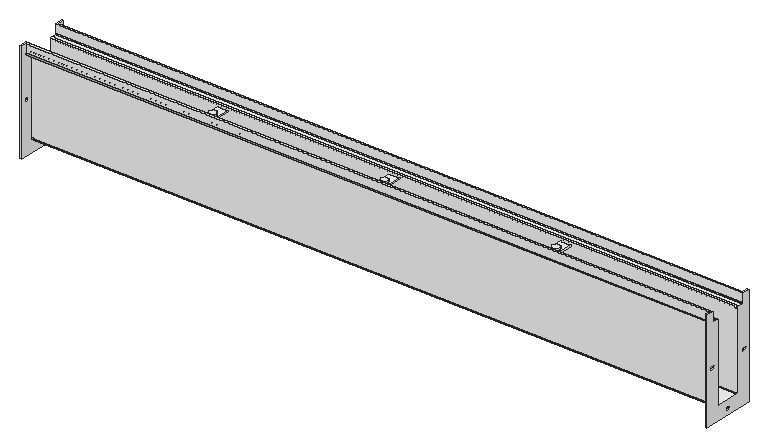
Revit family "T5000-300", category Plumbing Fixtures, host Face, Revit 2018
Family settings
  Host = Face
  Round Connector Dimension = Use Radius
  Part Type = Normal
  Cut with Voids When Loaded = No
  Shared = No
  Room Calculation Point = No
Parameters (values of type "T5000-300")
  WFU = 0
  URL = "WWW.MIFAB.COM"
  Model = "T5000-300"
  Manufacturer = "MIFAB"
  Length = 3' - 4"
  Floor Drain Material = Paint - Sherwin Williams Paint - #952C2A - Bellwood Red
  Description = "3\" Wide, 5 7/8\" Deep Aluminum Channe"
  Default Elevation = 0' - 0"
  CWFU = 0
  Assembly Code = ""
Reference planes (in)
  plane 1 "Center (Front/Back)": y = 0
  plane 2: z = 0
  plane 3 "Center (Left/Right)": x = 0
  plane 4: x = -20
  plane 5: x = 20
  plane 6: y = -0.375
  plane 7: y = 0.375
  plane 8: x = -19.92772
  plane 9: x = 19.92772
  plane 10: y = 0.8125
  plane 11: y = -0.8125
  plane 12: y = 1.5
  plane 13: y = -1.5
  plane 14: z = -5.875
  plane 15: x = -10
  plane 16: x = 10
Forms (in)
  Sweep 1, solid, material "Paint - Sherwin Williams Paint - #952C2A - Bellwood Red" <- "Floor Drain Material"
    path origin (0, 0, 0) x (1, 0, 0) y (0, 1, 0)
      loop
        line (20, 0) -> (-20, 0)
    profile origin (0, 0, 0) x (0, -1, 0) y (0, 0, 1)
      loop
        line (1.11328, 0) -> (1.11328, -0.50365)
        arc (1.11328, -0.50365) -> (1.10077, -0.53386) -> (1.07056, -0.54638) r 0.04273
        line (1.07056, -0.54638) -> (0.80742, -0.54638)
        arc (0.80742, -0.54638) -> (0.75853, -0.56663) -> (0.73828, -0.61552) r 0.06914
        line (0.73828, -0.61552) -> (0.73828, -5.0739)
        arc (0.73828, -5.0739) -> (0.72675, -5.10175) -> (0.6989, -5.11328) r 0.03939
        line (0.6989, -5.11328) -> (-0.6989, -5.11328)
        arc (-0.6989, -5.11328) -> (-0.72675, -5.10175) -> (-0.73828, -5.0739) r 0.03939
        line (-0.73828, -5.0739) -> (-0.73828, -0.61552)
        arc (-0.73828, -0.61552) -> (-0.75853, -0.56663) -> (-0.80742, -0.54638) r 0.06914
        line (-0.80742, -0.54638) -> (-1.07056, -0.54638)
        arc (-1.07056, -0.54638) -> (-1.10077, -0.53386) -> (-1.11328, -0.50365) r 0.04273
        line (-1.11328, -0.50365) -> (-1.11328, 0) -> (-1.1875, 0) -> (-1.1875, -0.51573)
        arc (-1.1875, -0.51573) -> (-1.15678, -0.58988) -> (-1.08263, -0.6206) r 0.10487
        line (-1.08263, -0.6206) -> (-0.84094, -0.6206)
        arc (-0.84094, -0.6206) -> (-0.82083, -0.62893) -> (-0.8125, -0.64903) r 0.02844
        line (-0.8125, -0.64903) -> (-0.8125, -5.0795)
        arc (-0.8125, -5.0795) -> (-0.78087, -5.15587) -> (-0.7045, -5.1875) r 0.108
        line (-0.7045, -5.1875) -> (0.7045, -5.1875)
        arc (0.7045, -5.1875) -> (0.78087, -5.15587) -> (0.8125, -5.0795) r 0.108
        line (0.8125, -5.0795) -> (0.8125, -0.64903)
        arc (0.8125, -0.64903) -> (0.82083, -0.62893) -> (0.84094, -0.6206) r 0.02844
        line (0.84094, -0.6206) -> (1.08263, -0.6206)
        arc (1.08263, -0.6206) -> (1.15678, -0.58988) -> (1.1875, -0.51573) r 0.10487
        line (1.1875, -0.51573) -> (1.1875, 0) -> (1.11328, 0)
  Extrusion 2, solid, material "Paint - Sherwin Williams Paint - #952C2A - Bellwood Red" <- "Floor Drain Material"
    sketch origin (19.55273, 0, 0) x (0, 1, 0) y (0, 0, -1)
      loop
        line (1.5, 0) -> (1.5, 5.875) -> (-1.5, 5.875) -> (-1.5, 0) -> (-1.11328, 0) -> (-1.11328, 0.50365)
        arc (-1.11328, 0.50365) -> (-1.10077, 0.53386) -> (-1.07056, 0.54638) r 0.04273
        line (-1.07056, 0.54638) -> (-0.80742, 0.54638)
        arc (-0.80742, 0.54638) -> (-0.75853, 0.56663) -> (-0.73828, 0.61552) r 0.06914
        line (-0.73828, 0.61552) -> (-0.73828, 5.0739)
        arc (-0.73828, 5.0739) -> (-0.72675, 5.10175) -> (-0.6989, 5.11328) r 0.03939
        line (-0.6989, 5.11328) -> (0.6989, 5.11328)
        arc (0.6989, 5.11328) -> (0.72675, 5.10175) -> (0.73828, 5.0739) r 0.03939
        line (0.73828, 5.0739) -> (0.73828, 0.61552)
        arc (0.73828, 0.61552) -> (0.75853, 0.56663) -> (0.80742, 0.54638) r 0.06914
        line (0.80742, 0.54638) -> (1.07056, 0.54638)
        arc (1.07056, 0.54638) -> (1.10077, 0.53386) -> (1.11328, 0.50365) r 0.04273
        line (1.11328, 0.50365) -> (1.11328, 0) -> (1.5, 0)
      loop
        circle (-1.15625, 2.94394) r 0.13787
      loop
        circle (1.15625, 2.94394) r 0.13787
      loop
        circle (0, 5.52934) r 0.13787
    from -0.44727 to -0.37499
  Extrusion 3, solid, material "Paint - Sherwin Williams Paint - #952C2A - Bellwood Red" <- "Floor Drain Material"
    sketch origin (-19.55273, 0, 0) x (0, 1, 0) y (0, 0, 1)
      loop
        line (1.5, -5.875) -> (1.5, 0) -> (1.11328, 0) -> (1.11328, -0.50365)
        arc (1.11328, -0.50365) -> (1.10077, -0.53386) -> (1.07056, -0.54638) r 0.04273
        line (1.07056, -0.54638) -> (0.80742, -0.54638)
        arc (0.80742, -0.54638) -> (0.75853, -0.56663) -> (0.73828, -0.61552) r 0.06914
        line (0.73828, -0.61552) -> (0.73828, -5.0739)
        arc (0.73828, -5.0739) -> (0.72675, -5.10175) -> (0.6989, -5.11328) r 0.03939
        line (0.6989, -5.11328) -> (-0.6989, -5.11328)
        arc (-0.6989, -5.11328) -> (-0.72675, -5.10175) -> (-0.73828, -5.0739) r 0.03939
        line (-0.73828, -5.0739) -> (-0.73828, -0.61552)
        arc (-0.73828, -0.61552) -> (-0.75853, -0.56663) -> (-0.80742, -0.54638) r 0.06914
        line (-0.80742, -0.54638) -> (-1.07056, -0.54638)
        arc (-1.07056, -0.54638) -> (-1.10077, -0.53386) -> (-1.11328, -0.50365) r 0.04273
        line (-1.11328, -0.50365) -> (-1.11328, 0) -> (-1.5, 0) -> (-1.5, -5.875) -> (1.5, -5.875)
      loop
        circle (-1.15625, -2.94394) r 0.13787
      loop
        circle (1.15625, -2.94394) r 0.13787
      loop
        circle (0, -5.52934) r 0.13787
    from -0.44727 to -0.37499
  Extrusion 4, void
    sketch origin (0, 0, 0) x (1, 0, 0) y (0, 1, 0)
      loop
        line (-19.92772, 1.5) -> (-20, 1.5) -> (-20, -1.5) -> (-19.92772, -1.5) -> (-19.92772, -1.1875) -> (19.92772, -1.1875) -> (19.92772, -1.5) -> (20, -1.5) -> (20, 1.5) -> (19.92772, 1.5) -> (19.92772, 1.1875) -> (-19.92772, 1.1875) -> (-19.92772, 1.5)
    from 0 to -3.875
  Extrusion 5, solid, material "Paint - Sherwin Williams Paint - #952C2A - Bellwood Red" <- "Floor Drain Material"
    sketch origin (0, 0, 0) x (1, 0, 0) y (0, 1, 0)
      loop
        line (-10.2927, 0.73828) -> (-10.2927, -0.73828) -> (-9.7073, -0.73828) -> (-9.7073, 0.73828) -> (-10.2927, 0.73828)
    from -0.82992 to -0.76386
  Extrusion 6, solid, material "Paint - Sherwin Williams Paint - #952C2A - Bellwood Red" <- "Floor Drain Material"
    sketch origin (0, 0, 0) x (1, 0, 0) y (0, 1, 0)
      loop
        line (-10.11333, 0.1963) -> (-10.22667, 0) -> (-10.11333, -0.1963) -> (-9.88667, -0.1963) -> (-9.77333, 0) -> (-9.88667, 0.1963) -> (-10.11333, 0.1963)
    from -0.76386 to -0.6206
  Extrusion 7, solid, material "Paint - Sherwin Williams Paint - #952C2A - Bellwood Red" <- "Floor Drain Material"
    sketch origin (0, 0, 0) x (1, 0, 0) y (0, 1, 0)
      loop
        circle (-10, 0) r 0.10283
    from -1.15488 to -0.76386
  Extrusion 8, solid, material "Paint - Sherwin Williams Paint - #952C2A - Bellwood Red" <- "Floor Drain Material"
    sketch origin (6.66667, 0, 0) x (1, 0, 0) y (0, 1, 0)
      loop
        line (-6.95937, 0.73828) -> (-6.95937, -0.73828) -> (-6.37396, -0.73828) -> (-6.37396, 0.73828) -> (-6.95937, 0.73828)
    from -0.82992 to -0.76386
  Extrusion 9, solid, material "Paint - Sherwin Williams Paint - #952C2A - Bellwood Red" <- "Floor Drain Material"
    sketch origin (6.66667, 0, 0) x (1, 0, 0) y (0, 1, 0)
      loop
        line (-6.78, 0.1963) -> (-6.89334, 0) -> (-6.78, -0.1963) -> (-6.55333, -0.1963) -> (-6.44, 0) -> (-6.55333, 0.1963) -> (-6.78, 0.1963)
    from -0.76386 to -0.6206
  Extrusion 10, solid, material "Paint - Sherwin Williams Paint - #952C2A - Bellwood Red" <- "Floor Drain Material"
    sketch origin (6.66667, 0, 0) x (1, 0, 0) y (0, 1, 0)
      loop
        circle (-6.66667, 0) r 0.10283
    from -1.15488 to -0.76386
  Extrusion 11, solid, material "Paint - Sherwin Williams Paint - #952C2A - Bellwood Red" <- "Floor Drain Material"
    sketch origin (13.33333, 0, 0) x (1, 0, 0) y (0, 1, 0)
      loop
        line (-3.62604, 0.73828) -> (-3.62604, -0.73828) -> (-3.04063, -0.73828) -> (-3.04063, 0.73828) -> (-3.62604, 0.73828)
    from -0.82992 to -0.76386
  Extrusion 12, solid, material "Paint - Sherwin Williams Paint - #952C2A - Bellwood Red" <- "Floor Drain Material"
    sketch origin (13.33333, 0, 0) x (1, 0, 0) y (0, 1, 0)
      loop
        line (-3.44667, 0.1963) -> (-3.56, 0) -> (-3.44667, -0.1963) -> (-3.22, -0.1963) -> (-3.10666, 0) -> (-3.22, 0.1963) -> (-3.44667, 0.1963)
    from -0.76386 to -0.6206
  Extrusion 13, solid, material "Paint - Sherwin Williams Paint - #952C2A - Bellwood Red" <- "Floor Drain Material"
    sketch origin (13.33333, 0, 0) x (1, 0, 0) y (0, 1, 0)
      loop
        circle (-3.33333, 0) r 0.10283
    from -1.15488 to -0.76386
Cuts and joins
  joined: Sweep 1, Extrusion 2, Extrusion 3
Dimensions and locks (in)
  equal spacing: plane 4, plane 3 "Center (Left/Right)", plane 5
  "Length": plane 4 to plane 5
  locked: plane 4 to plane 8 at 0.07228
  locked: plane 5 to plane 9 at 0.07228
  plane 10 to plane 11 = 0' - 1 5/8"
  equal spacing: plane 12, plane 1 "Center (Front/Back)", plane 13
  plane 12 to plane 13 = 0' - 3"
  plane 2 to plane 14 = 0' - 5 7/8"
  plane 4 to plane 15 to plane 3 "Center (Left/Right)" to plane 16 to plane 5 = 0' - 10", 0' - 10", 0' - 10", 0' - 10"
  aligned and locked: plane 2 to host face
  aligned and locked: level to host face
  aligned and locked: Sweep 1 sketch curve to plane 1 "Center (Front/Back)"
  aligned and locked: plane 4 to Sweep 1 sketch curve
  aligned and locked: plane 5 to Sweep 1 sketch curve
  aligned and locked: host face to Sweep 1 sketch curve
  aligned and locked: cut or joined group of Sweep 1, Extrusion 2, Extrusion 3 to plane 4
  aligned and locked: plane 8 to cut or joined group of Sweep 1, Extrusion 2, Extrusion 3
  aligned and locked: cut or joined group of Sweep 1, Extrusion 2, Extrusion 3 to plane 9
  aligned and locked: Extrusion 2 to plane 5
  aligned and locked: plane 12 to Extrusion 3 sketch curve
  aligned and locked: plane 14 to Extrusion 3 sketch curve
  aligned and locked: Extrusion 3 sketch curve to plane 13
  aligned and locked: Extrusion 2 sketch curve to plane 12
  aligned and locked: plane 14 to Extrusion 2 sketch curve
  aligned and locked: plane 13 to Extrusion 2 sketch curve
Automatic sketch dimensions
  host sketch curve to host sketch curve = 8' - 0"  (x2)
  Sweep 1 sketch curve to level = 0' - 0"
  profile plane to Sweep 1 sketch curve = 0' - 1 3/16"
  Sweep 1 sketch curve to Sweep 1 sketch curve = 0' - 0 19/256"  (x3)
  Sweep 1 sketch curve to Sweep 1 sketch curve = 0' - 0.03065"  (x2)
  Sweep 1 sketch curve to Sweep 1 sketch curve = 0' - 0.01207"  (x4)
  Sweep 1 sketch curve to Sweep 1 sketch curve = 0' - 0.24169"
  Sweep 1 sketch curve to Sweep 1 sketch curve = 0' - 0.02844"
  Sweep 1 sketch curve to Sweep 1 sketch curve = 0' - 0.03352"  (x2)
  Sweep 1 sketch curve to Sweep 1 sketch curve = 0' - 0.03378"
  Sweep 1 sketch curve to Sweep 1 sketch curve = 0' - 0.00561"  (x3)
  Sweep 1 sketch curve to profile plane = 0' - 0.6989"
  Sweep 1 sketch curve to profile plane = 0' - 0 189/256"
  Sweep 1 sketch curve to Sweep 1 sketch curve = 0' - 0.06914"
  Sweep 1 sketch curve to Sweep 1 sketch curve = 0' - 0.00508"
  Sweep 1 sketch curve to Sweep 1 sketch curve = 0' - 0.22962"
  Sweep 1 sketch curve to Sweep 1 sketch curve = 0' - 0.50365"
  Sweep 1 sketch curve to level = 0' - 0.50365"
  Sweep 1 sketch curve to Sweep 1 sketch curve = 0' - 4.42486"
  Extrusion 2 sketch curve to Extrusion 2 sketch curve = 0' - 0"  (x7)
  Extrusion 2 sketch curve to level = 0' - 0"  (x2)
  Extrusion 2 sketch curve to plane 1 "Center (Front/Back)" = 0' - 0"
  Extrusion 2 sketch curve to plane 11 = 0' - 0 11/32"
  Extrusion 2 sketch curve to plane 11 = 0' - 0 77/256"
  Extrusion 2 sketch curve to Extrusion 2 sketch curve = 0' - 0.04273"
  plane 11 to Extrusion 2 sketch curve = 0' - 0.00508"
  plane 11 to Extrusion 2 sketch curve = 0' - 0 19/256"
  Extrusion 2 sketch curve to Extrusion 2 sketch curve = 0' - 0.03939"
  Extrusion 2 sketch curve to plane 10 = 0' - 0.1136"
  Extrusion 2 sketch curve to plane 10 = 0' - 0 19/256"
  Extrusion 2 sketch curve to plane 10 = 0' - 0.00508"
  plane 10 to Extrusion 2 sketch curve = 0' - 0.25806"
  plane 10 to Extrusion 2 sketch curve = 0' - 0 77/256"
  plane 10 to Extrusion 2 sketch curve = 0' - 0 11/32"
  Extrusion 2 sketch curve to Extrusion 2 sketch curve = 0' - 0.50365"  (x2)
  Extrusion 2 sketch curve to Extrusion 2 sketch curve = 0' - 2.32842"
  plane 14 to Extrusion 2 sketch curve = 0' - 0.8011"
  plane 14 to Extrusion 2 sketch curve = 0' - 0.34566"
  Extrusion 2 sketch curve to Extrusion 2 sketch curve = 0' - 0.13787"  (x2)
  plane 1 "Center (Front/Back)" to Extrusion 2 sketch curve = 0' - 0.13787"
  Extrusion 3 sketch curve to level = 0' - 0"  (x2)
  Extrusion 3 sketch curve to plane 1 "Center (Front/Back)" = 0' - 0"
  Extrusion 3 sketch curve to plane 11 = 0' - 0 11/32"
  Extrusion 3 sketch curve to plane 11 = 0' - 0 77/256"
  Extrusion 3 sketch curve to Extrusion 3 sketch curve = 0' - 0.04273"  (x2)
  plane 11 to Extrusion 3 sketch curve = 0' - 0.00508"
  Extrusion 3 sketch curve to Extrusion 3 sketch curve = 0' - 0.06914"
  Extrusion 3 sketch curve to Extrusion 3 sketch curve = 0' - 0.03939"  (x2)
  Extrusion 3 sketch curve to plane 10 = 0' - 0.1136"
  Extrusion 3 sketch curve to plane 10 = 0' - 0.00508"
  plane 10 to Extrusion 3 sketch curve = 0' - 0.25806"
  plane 10 to Extrusion 3 sketch curve = 0' - 0 11/32"
  plane 14 to Extrusion 3 sketch curve = 0' - 0.34566"
  plane 14 to Extrusion 3 sketch curve = 0' - 0 195/256"
  Extrusion 3 sketch curve to Extrusion 3 sketch curve = 0' - 2.12995"  (x2)
  Extrusion 3 sketch curve to level = 0' - 0.61552"  (x2)
  Extrusion 4 sketch curve to plane 4 = 0' - 0"
  Extrusion 4 sketch curve to plane 8 = 0' - 0"  (x2)
  Extrusion 4 sketch curve to plane 9 = 0' - 0"  (x2)
  Extrusion 4 sketch curve to plane 5 = 0' - 0"
  Extrusion 4 sketch curve to plane 13 = 0' - 0"  (x2)
  plane 12 to Extrusion 4 sketch curve = 0' - 0"  (x2)
  Extrusion 4 sketch curve to Extrusion 4 sketch curve = 0' - 0 5/16"
  plane 12 to Extrusion 4 sketch curve = 0' - 0 5/16"
  plane 11 to Extrusion 5 sketch curve = 0' - 0 19/256"
  Extrusion 5 sketch curve to plane 15 = 0' - 0.2927"
  plane 15 to Extrusion 5 sketch curve = 0' - 0.2927"
  Extrusion 5 sketch curve to plane 10 = 0' - 0 19/256"
  plane 1 "Center (Front/Back)" to Extrusion 6 sketch curve = 0' - 0"  (x2)
  Extrusion 6 sketch curve to plane 15 = 0' - 0.22667"
  Extrusion 6 sketch curve to plane 15 = 0' - 0.11333"  (x2)
  plane 15 to Extrusion 6 sketch curve = 0' - 0.11333"  (x2)
  Extrusion 6 sketch curve to Extrusion 6 sketch curve = 0' - 0.11333"
  Extrusion 6 sketch curve to plane 6 = 0' - 0.1787"
  plane 7 to Extrusion 6 sketch curve = 0' - 0.1787"
  plane 1 "Center (Front/Back)" to Extrusion 7 sketch curve = 0' - 0"
  Extrusion 7 sketch curve to plane 15 = 0' - 0"
  plane 11 to Extrusion 8 sketch curve = 0' - 0 19/256"
  Extrusion 8 sketch curve to plane 3 "Center (Left/Right)" = 0' - 0.2927"
  plane 3 "Center (Left/Right)" to Extrusion 8 sketch curve = 0' - 0.2927"
  Extrusion 8 sketch curve to plane 10 = 0' - 0 19/256"
  plane 1 "Center (Front/Back)" to Extrusion 9 sketch curve = 0' - 0"  (x2)
  Extrusion 9 sketch curve to plane 3 "Center (Left/Right)" = 0' - 0.22667"
  Extrusion 9 sketch curve to plane 3 "Center (Left/Right)" = 0' - 0.11333"  (x2)
  plane 3 "Center (Left/Right)" to Extrusion 9 sketch curve = 0' - 0.11333"  (x2)
  Extrusion 9 sketch curve to Extrusion 9 sketch curve = 0' - 0.11333"
  Extrusion 9 sketch curve to plane 6 = 0' - 0.1787"
  plane 7 to Extrusion 9 sketch curve = 0' - 0.1787"
  plane 1 "Center (Front/Back)" to Extrusion 10 sketch curve = 0' - 0"
  Extrusion 10 sketch curve to plane 3 "Center (Left/Right)" = 0' - 0"
  plane 11 to Extrusion 11 sketch curve = 0' - 0 19/256"
  plane 16 to Extrusion 11 sketch curve = 0' - 0.2927"
  Extrusion 11 sketch curve to plane 16 = 0' - 0.2927"
  Extrusion 11 sketch curve to plane 10 = 0' - 0 19/256"
  plane 1 "Center (Front/Back)" to Extrusion 12 sketch curve = 0' - 0"  (x2)
  plane 16 to Extrusion 12 sketch curve = 0' - 0.22667"
  plane 16 to Extrusion 12 sketch curve = 0' - 0.11333"  (x2)
  Extrusion 12 sketch curve to plane 16 = 0' - 0.11333"  (x2)
  Extrusion 12 sketch curve to Extrusion 12 sketch curve = 0' - 0.11333"
  Extrusion 12 sketch curve to plane 6 = 0' - 0.1787"
  plane 7 to Extrusion 12 sketch curve = 0' - 0.1787"
  plane 1 "Center (Front/Back)" to Extrusion 13 sketch curve = 0' - 0"
  Extrusion 13 sketch curve to plane 16 = 0' - 0"
  radius of Extrusion 3 sketch curve = 0' - 0.13787"  (x3)
  radius of Extrusion 7 sketch curve = 0' - 0.10283"
  radius of Extrusion 10 sketch curve = 0' - 0.10283"
  radius of Extrusion 13 sketch curve = 0' - 0.10283"
